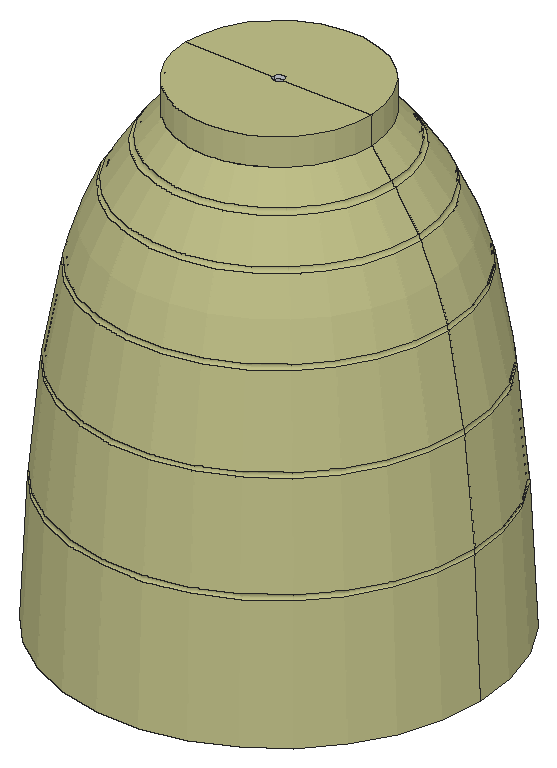
Revit family "PEC18 SHADE", category Lighting Fixtures, Revit 2024
Family settings
  Round Connector Dimension = Use Diameter
  Part Type = Normal
  OmniClass Number = 23.80.70.00
  OmniClass Title = Lighting
  Work Plane-Based = No
  Always vertical = Yes
  Cut with Voids When Loaded = No
  Light Source = Yes
  Maintain Annotation Orientation = No
  Shared = No
  Room Calculation Point = No
Parameters
  Wattage = 12.1178 W
  built-in parameter 1150110 = 1 (stored number, unit not read)
  built-in parameter 1114217 = 1 (stored number, unit not read)
  built-in parameter 1150109 = 1 (stored number, unit not read)
  built-in parameter 1150134 = (empty or 0)
  built-in parameter 1150113 = 1 (stored number, unit not read)
  Lumens = 1800 lm
  built-in parameter 1150115 = 1 (stored number, unit not read)
  built-in parameter 1150105 = 572.96 (stored number, unit not read)
  Light Source Symbol Size = 2' - 0"
  built-in parameter 1150137 = (empty or 0)
  built-in parameter 1150139 = (empty or 0)
  built-in parameter 1150112 = 1 (stored number, unit not read)
  built-in parameter 1150114 = 1 (stored number, unit not read)
  built-in parameter 1150132 = 2
  built-in parameter 1150102 = (empty or 0)
  built-in parameter 1150138 = (empty or 0)
  built-in parameter 1150107 = 3000 (stored number, unit not read)
  built-in parameter 1150106 = 5.7296 (stored number, unit not read)
  built-in parameter 1150104 = 13.8 (stored number, unit not read)
  Dimming Lamp Color Temperature Shift = (empty or 0)
  Default Elevation = 0' - 0"
  Color Filter = 16777215
  built-in parameter 1114218 = 1 (stored number, unit not read)
  built-in parameter 1150133 = 10 (stored number, unit not read)
Reference planes (in)
  plane 1 "Light Source Axis (F/B)": y = 0
  plane 2: z = 0
  plane 3 "Light Source Axis (L/R)": x = 0
  plane 4 "Light Source Elevation": z = 84
Forms (in)
  Revolve 1, solid
    sketch origin (0, 0, 0) x (1, 0, 0) y (0, 0, 1)
      loop
        line (-0.25, 106.25) -> (-4.24755, 106.25) -> (-4.24755, 105)
        arc (-4.24755, 105) -> (-4.7206, 104.43234) -> (-5.18712, 103.8593) r 64.63541
        arc (-5.18712, 103.8593) -> (-5.21922, 103.70835) -> (-5.35793, 103.6407) r 0.17603
        arc (-5.35793, 103.6407) -> (-5.89156, 102.88496) -> (-6.39578, 102.1093) r 24.09556
        arc (-6.39578, 102.1093) -> (-6.4114, 101.97478) -> (-6.51757, 101.8907) r 0.17695
        arc (-6.51757, 101.8907) -> (-7.19743, 100.40803) -> (-7.70926, 98.8593) r 14.73516
        arc (-7.70926, 98.8593) -> (-7.69367, 98.7377) -> (-7.76863, 98.6407) r 0.16017
        arc (-7.76863, 98.6407) -> (-8.20072, 96.76421) -> (-8.48218, 94.8593) r 24.18988
        arc (-8.48218, 94.8593) -> (-8.45151, 94.74395) -> (-8.51138, 94.6407) r 0.15595
        arc (-8.51138, 94.6407) -> (-8.78083, 92.37972) -> (-8.95355, 90.1093) r 53.34781
        arc (-8.95355, 90.1093) -> (-8.91567, 89.99694) -> (-8.96835, 89.8907) r 0.15493
        arc (-8.96835, 89.8907) -> (-9.14357, 86.94546) -> (-9.25007, 83.99694) r 126.538
        line (-9.25007, 83.99694) -> (-9.12504, 83.99694)
        arc (-9.12504, 83.99694) -> (-9.01966, 86.91953) -> (-8.84671, 89.8389) r 126.413
        arc (-8.84671, 89.8389) -> (-8.79093, 89.98886) -> (-8.8264, 90.14487) r 0.27993
        arc (-8.8264, 90.14487) -> (-8.65644, 92.36739) -> (-8.39356, 94.58084) r 53.22281
        arc (-8.39356, 94.58084) -> (-8.32751, 94.72812) -> (-8.35341, 94.88743) r 0.28095
        arc (-8.35341, 94.88743) -> (-8.07804, 96.74024) -> (-7.65939, 98.56601) r 24.06488
        arc (-7.65939, 98.56601) -> (-7.57304, 98.70493) -> (-7.57724, 98.86846) r 0.28517
        arc (-7.57724, 98.86846) -> (-7.08148, 100.36134) -> (-6.42808, 101.79228) r 14.61016
        arc (-6.42808, 101.79228) -> (-6.3027, 101.91306) -> (-6.26484, 102.08299) r 0.30195
        arc (-6.26484, 102.08299) -> (-5.78984, 102.81224) -> (-5.28867, 103.52377) r 23.97056
        arc (-5.28867, 103.52377) -> (-5.12033, 103.63189) -> (-5.05694, 103.82166) r 0.30103
        arc (-5.05694, 103.82166) -> (-4.59297, 104.39065) -> (-4.12255, 104.95431) r 64.51041
        line (-4.12255, 104.95431) -> (-4.12255, 106.125) -> (-0.25, 106.125) -> (-0.25, 106.25)
      axis (0, 83.99694) -> (0, 106.25)
    angle from 0 to 360
Dimensions and locks (in)
  aligned and locked: plane 3 "Light Source Axis (L/R)" to imposter light
  aligned and locked: plane 1 "Light Source Axis (F/B)" to imposter light
  aligned and locked: plane 4 "Light Source Elevation" to imposter light
  aligned and locked: level to plane 2
